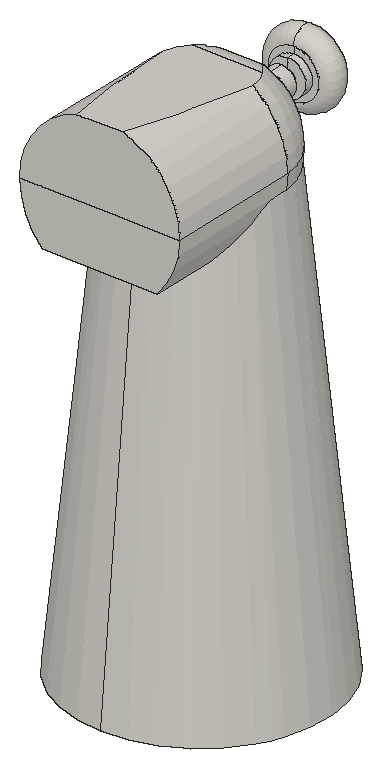
Revit family "Spout-GROHE-Universal-13611000_Series", category Plumbing Fixtures, host Face, Revit 2019
Family settings
  Host = Face
  Round Connector Dimension = Use Diameter
  Part Type = Normal
  OmniClass Number = 23.45.05.14.17
  OmniClass Title = Showers
  Cut with Voids When Loaded = No
  Shared = Yes
  Room Calculation Point = No
Parameters (values of type "13611EN0")
  Width = 2 1/2"  # constant formula
  Water Connection Radius = 1/4"  # constant formula
  Water Connection Diameter = Water Connection Radius * 2  # 1/2"
  Waste Connection = yes
  Warranty Information = "Limited Lifetime Function and Finish Warranty"  # constant formula
  WFU = 4  # constant formula
  Vent Connection = no
  URL = "https://www.grohe.us/"
  Type Comments = ""
  Product Page URL = "https://www.grohe.ca/Tub-Fillers/Diverter-Tub-Spout/GROHE-CHROME-13611000"
  Product Documentation Link = "https://americanstandard.box.com/shared/static/flsfj15l8mluquao7ux30l8fp6l6c275.pdf"
  Price = "Prices may vary. Please consult Manufacturer Representative for most up-to-date price list."  # constant formula
  Model = "13611EN0"
  Material = "Metal-Grohe-EN0-Brushed Nickel"
  Manufacturer = "Grohe"  # constant formula
  Length = 5 1/2"  # constant formula
  Installation Type = "Wall Mounted"  # constant formula
  HWFU = 3  # constant formula
  HW Connection = yes
  Finish = Metal-Grohe-EN0-Brushed Nickel
  Description = "Wall mounted spout with diverter"  # constant formula
  Default Elevation = 21"  # constant formula
  Creation Date = "02/04/2021"  # constant formula
  CWFU = 3  # constant formula
  CW Connection = yes
  Assembly Code = "D2020300"
Types (2): name | Product Page URL | Model | Material | Finish
  13611000 | "https://www.grohe.us/Tub-Fillers/Diverter-Tub-Spout/GROHE-CHROME-13611000" | "13611000" | "Metal-Grohe-000-Polished Chrome" | Metal-Grohe-000-Polished Chrome
  13611EN0 | "https://www.grohe.ca/Tub-Fillers/Diverter-Tub-Spout/GROHE-CHROME-13611000" | "13611EN0" | "Metal-Grohe-EN0-Brushed Nickel" | Metal-Grohe-EN0-Brushed Nickel
Reference planes (in)
  plane 1 "Center (Front/Back)": y = 0
  plane 2: z = 0
  plane 3 "Center (Left/Right)": x = 0
  plane 4: z = 5.5
  plane 5: y = 1.25001
  plane 6: y = -1.25001
  plane 7: x = 0.87942
  plane 8: z = 4.62139
Forms (in)
  Revolve 1, solid, material "Metal-Grohe-EN0-Brushed Nickel" <- "Finish"
    sketch origin (0, 22.34563, -0.35937) x (0, 1, 0) y (0, 0, 1)
      loop
        line (-22.05037, 5.125) -> (-20.93243, 5.125) -> (-20.93243, 5.37135)
        arc (-20.93243, 5.37135) -> (-21.06741, 5.50633) -> (-21.20239, 5.37135) r 0.13498
        line (-21.20239, 5.37135) -> (-21.20239, 5.30469) -> (-21.28102, 5.30469) -> (-21.28102, 5.19915) -> (-21.35232, 5.19915) -> (-21.35232, 5.26843) -> (-21.49189, 5.26843) -> (-21.49189, 5.19915) -> (-22.05037, 5.19915) -> (-22.05037, 5.125)
      axis (-22.05037, 5.125) -> (-20.93243, 5.125)
    angle from 0 to 360
  Extrusion 2, void
    sketch origin (0, -0.10937, -0.01563) x (0, 1, 0) y (0, 0, 1)
      loop
        line (1.36866, -0.93443) -> (1.39383, 0.22153) -> (1.39383, 5.85135) -> (-1.32926, 5.85135) -> (-1.32926, 5.40857) -> (0.43007, 5.27337)
        arc (0.43007, 5.27337) -> (0.56813, 5.23792) -> (0.68573, 5.15737) r 0.41021
        arc (0.68573, 5.15737) -> (0.77835, 5.02998) -> (0.82415, 4.87929) r 0.47414
        line (0.82415, 4.87929) -> (1.36866, -0.93443)
    from -0.89742 to 0.87942
  Revolve 3, solid, material "Metal-Grohe-EN0-Brushed Nickel" <- "Finish"
    sketch origin (0, 0, 0) x (0, 1, 0) y (0, 0, 1)
      loop
        line (-0.00011, 0) -> (1.23724, 0) -> (0.77217, 4.57124)
        arc (0.77217, 4.57124) -> (0.72771, 4.72883) -> (0.6323, 4.86191) r 0.47414
        arc (0.6323, 4.86191) -> (0.51458, 4.94252) -> (0.3765, 4.97971) r 0.41021
        line (0.3765, 4.97971) -> (-0.00011, 5.00841) -> (-0.00011, 0)
      axis (-0.00011, 0) -> (-0.00011, 5.00841)
    angle from 0 to 360
  Extrusion 4, void
    sketch origin (0, 0, 0.17188) x (0, 1, 0) y (0, 0, 1)
      loop
        line (-0.96231, 3.83713) -> (-1.25782, 3.89994) -> (-1.25782, 3.37741) -> (-1.25782, -0.47277) -> (-0.82353, 3.65926)
        arc (-0.82353, 3.65926) -> (-0.86051, 3.77347) -> (-0.96231, 3.83713) r 0.17535
    from -0.72852 to 0.78384
  Revolve 5, solid, material "Metal-Grohe-EN0-Brushed Nickel" <- "Finish"
    sketch origin (0, -1.42713, 4.62139) x (0, 1, 0) y (-1, 0, 0)
      loop
        line (0.17712, 0) -> (0.17712, -0.78953) -> (1.51297, -0.78953)
        arc (1.51297, -0.78953) -> (1.93635, -0.60938) -> (2.18877, -0.22469) r 0.7942
        line (2.18877, -0.22469) -> (2.18877, 0) -> (0.17712, 0)
      axis (0.17712, 0) -> (2.18877, 0)
    angle from 0 to 360
Cuts and joins
  Extrusion 2 cuts Revolve 3
  Extrusion 2, Extrusion 4 cuts Revolve 5
  joined: Revolve 1, Revolve 3, Revolve 5
Lines and regions (in)
  Masking region 1
    outline origin (0, -43, 0) x (1, 0, 0) y (0, 0, 1)
      loop
        line (-1.24995, 0) -> (1.24995, 0)
        arc (1.24995, 0) -> (1.12128, 2.35184) -> (0.85642, 4.69227) r 40.59245
        arc (0.85642, 4.69227) -> (0, 5.43518) -> (-0.85642, 4.69227) r 0.86509
        arc (-0.85642, 4.69227) -> (-1.12128, 2.35184) -> (-1.24995, 0) r 40.59245
  symbolic lines, detail levels medium+fine
    curve 1: circle (0, -43, 4.50292) r 0.37944 normal (0, -1, 0)
Dimensions and locks (in)
  plane 4 to host face = 5 1/2"
  plane 5 to plane 1 "Center (Front/Back)" = 1 1/4"
  plane 1 "Center (Front/Back)" to plane 6 = 1 1/4"
  aligned and locked: plane 2 to host face
  aligned and locked: level to host face
Connectors (in)
  piping at (0, -0.00011, 0), diameter 0.5
    settings: on Revolve 3, index 1, connector inside diameter 24", connector length 0", flow factor 0, pipe flow 0 GPM, pressure drop 0.00 psi, fitting loss kfactor 0, connector angle 0.00°, fixture units 0, engagement length 0", angle of deflection 0.00°, flow configuration 0, flow direction 1, fitting loss method 0, system type 29, joint type 0, gender type 0, connector reference index -1, connector utility 0, adjustable connector no, is connector primary yes, connector description "1/2\" Supply Inlet Connection"
